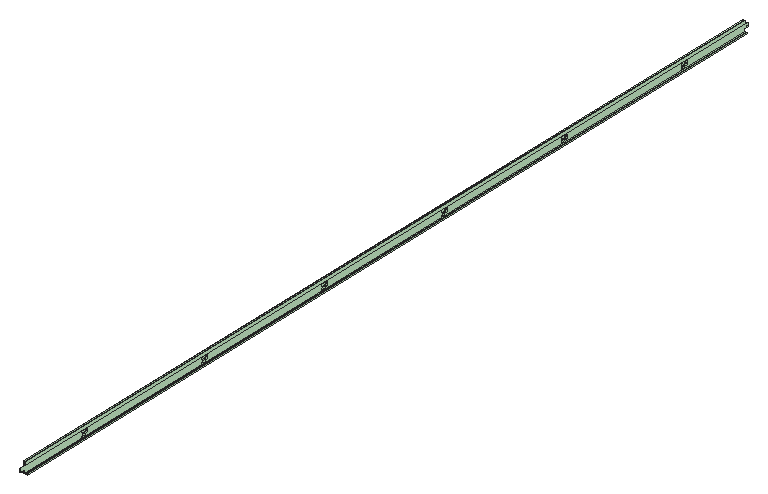
Revit family "et4025_main_600", category 機械設備, Revit 2022
Family settings
  丸型コネクタ寸法 = 直径を使用
  種別 = なし
  パーツ タイプ = 標準
  作業面ベース = いいえ
  常に垂直 = はい
  ロード時にボイドで切り取り = いいえ
  注釈の向きを維持 = いいえ
  共有 = いいえ
  部屋計算ポイント = いいえ
Parameters
  製造元 = "株式会社桐井製作所"
  既定の高さ = 0 mm
  URL = "https://www.kirii.co.jp/"
  K_長さ(mm) = 3600 mm
  K_材質 = "溶融亜鉛めっき鋼板及び鋼帯SGCC 一般用　カラー鋼板"
  K_品名 = "eTバー4025メイン(600グリッド用)"
  K_名称 = "Tバー"
  K_入数 = "20"
  K_バージョン情報 = "20220915"
  K_めっき付着量 = "JIS G 3302 Z12、カラー鋼板　塗装膜厚20μ(白色)"
  K_JIS規格 = "JIS G 3302"
Reference planes
  plane 1 "中心(正面/背面)": y = 0
  plane 2: z = 0
  plane 3 "中心(左/右)": x = 0
  plane 4: y = 3600
Forms (mm)
  Extrusion 1, solid
    sketch origin (0, 0, 7.1) x (-1, 0, 0) y (0, 0, 1)
      loop
        line (0.65, 26.539) -> (2.4, 25.702) -> (2.4, 24.9) -> (3.5, 24.9) -> (3.5, 34.9) -> (1.351, 34.9) -> (1.351, 33.4) -> (2.203, 33.4) -> (2.141, 29.141) -> (1.059, 28.059) -> (-0.917, 28) -> (-2.141, 29.141) -> (-2.203, 33.4) -> (-1.351, 33.4) -> (-1.351, 34.9) -> (-3.5, 34.9) -> (-3.5, 24.9) -> (-2.4, 24.9) -> (-2.4, 25.702) -> (-0.65, 26.518) -> (-0.65, -5.4) -> (-2.488, -5.4) -> (-2.488, -4.6) -> (-3.5, -4.6) -> (-3.5, -5.9) -> (-8.5, -5.9) -> (-8.5, -5.1) -> (-12.5, -5.1) -> (-12.5, -7.1) -> (12.5, -7.1) -> (12.5, -5.1) -> (8.5, -5.1) -> (8.5, -5.9) -> (3.5, -5.9) -> (3.5, -4.6) -> (2.4, -4.6) -> (2.4, -5.4) -> (0.65, -5.4) -> (0.65, 26.539)
    from 0 to 3600
  Extrusion 2, solid
    sketch origin (0.65, 0, 30.6) x (0, 0, -1) y (0, 1, 0)
      loop
        line (3.661, 0) -> (3.661, -19.4)
        arc (3.661, -19.4) -> (3.954, -20.107) -> (4.661, -20.4) r 1
        line (4.661, -20.4) -> (16.783, -20.4)
        arc (16.783, -20.4) -> (17.49, -20.107) -> (17.783, -19.4) r 1
        line (17.783, -19.4) -> (17.783, 0) -> (17.783, 21.201) -> (3.661, 21.201) -> (3.661, 0)
    from -1.3 to 0
  Extrusion 3, void
    sketch origin (0.65, 3000, 31.225) x (0, 0, 1) y (0, 1, 0)
      loop
        line (-5.5, 284.4) -> (-5.5, 315.6) -> (-23.1, 315.6) -> (-23.1, 284.4) -> (-5.5, 284.4)
    from 0 to 1.3
  Extrusion 4, void
    sketch origin (0.4, 1800, 31.225) x (0, 0, 1) y (0, 1, 0)
      loop
        line (-5.5, 284.4) -> (-5.5, 315.6) -> (-23.1, 315.6) -> (-23.1, 284.4) -> (-5.5, 284.4)
    from -0.25 to 1.05
  Extrusion 5, void
    sketch origin (0.4, 2400, 31.225) x (0, 0, 1) y (0, 1, 0)
      loop
        line (-5.5, 284.4) -> (-5.5, 315.6) -> (-23.1, 315.6) -> (-23.1, 284.4) -> (-5.5, 284.4)
    from -0.25 to 1.05
  Extrusion 6, void
    sketch origin (0.4, 1200, 31.225) x (0, 0, 1) y (0, 1, 0)
      loop
        line (-5.5, 284.4) -> (-5.5, 315.6) -> (-23.1, 315.6) -> (-23.1, 284.4) -> (-5.5, 284.4)
    from -0.25 to 1.05
  Extrusion 7, void
    sketch origin (0.4, 600, 31.225) x (0, 0, 1) y (0, 1, 0)
      loop
        line (-5.5, 284.4) -> (-5.5, 315.6) -> (-23.1, 315.6) -> (-23.1, 284.4) -> (-5.5, 284.4)
    from -0.4 to 1.05
  Extrusion 8, void
    sketch origin (0.4, 0, 31.225) x (0, 0, 1) y (0, 1, 0)
      loop
        line (-5.5, 284.4) -> (-5.5, 315.6) -> (-23.1, 315.6) -> (-23.1, 284.4) -> (-5.5, 284.4)
    from -0.25 to 1.05
  Extrusion 9, void
    sketch origin (0.65, 0, 38.1) x (0, 0, 1) y (0, 1, 0)
      loop
        line (-17.561, -16.4) -> (-17.561, -9.2) -> (-22.361, -9.2) -> (-22.361, -16.4) -> (-17.561, -16.4)
    from 0 to 1.6
  Extrusion 10, solid
    sketch origin (0.65, 3600, 30.6) x (0, 0, -1) y (0, 1, 0)
      loop
        line (3.661, 0) -> (3.661, -21.201) -> (17.783, -21.201) -> (17.783, 0) -> (17.783, 19.4)
        arc (17.783, 19.4) -> (17.49, 20.107) -> (16.783, 20.4) r 1
        line (16.783, 20.4) -> (4.661, 20.4)
        arc (4.661, 20.4) -> (3.954, 20.107) -> (3.661, 19.4) r 1
        line (3.661, 19.4) -> (3.661, 0)
    from -0.8 to 0
  Extrusion 11, void
    sketch origin (0.65, 3600, 38.1) x (0, 0, 1) y (0, 1, 0)
      loop
        line (-17.561, 16.4) -> (-22.361, 16.4) -> (-22.361, 9.2) -> (-17.561, 9.2) -> (-17.561, 16.4)
    from 0 to 0.8
  Extrusion 12, void
    sketch origin (-0.4, -0.008, 31.538) x (0, 0, 1) y (0, -1, 0)
      loop
        arc (-19.9, -284.4) -> (-14.3, -287.9) -> (-8.7, -284.4) r 6.23
        line (-8.7, -284.4) -> (-19.9, -284.4)
      loop
        arc (-8.7, -297.4) -> (-14.3, -293.9) -> (-19.9, -297.4) r 6.23
        line (-19.9, -297.4) -> (-8.7, -297.4)
    from 1.2 to 3.447
  Extrusion 13, solid
    sketch origin (-0.081, 0, -7.135) x (-1, 0, 0) y (0, 0, -1)
      loop
        line (-0.387, -33.66) -> (-0.387, -32.86) -> (-1.476, -32.86) -> (-1.476, -26.291)
        arc (-1.476, -26.291) -> (-2.487, -24.267) -> (-1.487, -22.238) r 2.545
        line (-1.487, -22.238) -> (-1.487, -15.26) -> (-0.387, -15.26) -> (-0.387, -14.46) -> (-2.087, -14.46) -> (-2.088, -21.96)
        arc (-2.088, -21.96) -> (-3.087, -24.26) -> (-2.087, -26.56) r 3.145
        line (-2.087, -26.56) -> (-2.087, -33.66) -> (-0.387, -33.66)
    from -297.4 to -284.4
  Extrusion 14, void
    sketch origin (0.4, 18.192, 31.538) x (0, 0, 1) y (0, 1, 0)
      loop
        line (-19.9, 284.4) -> (-8.7, 284.4)
        arc (-8.7, 284.4) -> (-14.3, 287.9) -> (-19.9, 284.4) r 6.23
      loop
        line (-8.7, 297.4) -> (-19.9, 297.4)
        arc (-19.9, 297.4) -> (-14.3, 293.9) -> (-8.7, 297.4) r 6.23
    from 1.2 to 3.447
  Extrusion 15, solid
    sketch origin (0.081, 18.2, -7.135) x (1, 0, 0) y (0, 0, 1)
      loop
        line (-0.387, 33.66) -> (-2.087, 33.66) -> (-2.087, 26.56)
        arc (-2.087, 26.56) -> (-3.087, 24.26) -> (-2.088, 21.96) r 3.145
        line (-2.088, 21.96) -> (-2.087, 14.46) -> (-0.387, 14.46) -> (-0.387, 15.26) -> (-1.487, 15.26) -> (-1.487, 22.238)
        arc (-1.487, 22.238) -> (-2.487, 24.267) -> (-1.476, 26.291) r 2.545
        line (-1.476, 26.291) -> (-1.476, 32.86) -> (-0.387, 32.86) -> (-0.387, 33.66)
    from -297.4 to -284.4
  Extrusion 16, void
    sketch origin (-0.4, 599.992, 31.538) x (0, 0, 1) y (0, -1, 0)
      loop
        arc (-19.9, -284.4) -> (-14.3, -287.9) -> (-8.7, -284.4) r 6.23
        line (-8.7, -284.4) -> (-19.9, -284.4)
      loop
        arc (-8.7, -297.4) -> (-14.3, -293.9) -> (-19.9, -297.4) r 6.23
        line (-19.9, -297.4) -> (-8.7, -297.4)
    from 1.2 to 3.447
  Extrusion 17, solid
    sketch origin (-0.081, 600, -7.135) x (-1, 0, 0) y (0, 0, -1)
      loop
        line (-0.387, -33.66) -> (-0.387, -32.86) -> (-1.476, -32.86) -> (-1.476, -26.291)
        arc (-1.476, -26.291) -> (-2.487, -24.267) -> (-1.487, -22.238) r 2.545
        line (-1.487, -22.238) -> (-1.487, -15.26) -> (-0.387, -15.26) -> (-0.387, -14.46) -> (-2.087, -14.46) -> (-2.088, -21.96)
        arc (-2.088, -21.96) -> (-3.087, -24.26) -> (-2.087, -26.56) r 3.145
        line (-2.087, -26.56) -> (-2.087, -33.66) -> (-0.387, -33.66)
    from -297.4 to -284.4
  Extrusion 18, void
    sketch origin (0.4, 618.192, 31.538) x (0, 0, 1) y (0, 1, 0)
      loop
        line (-19.9, 284.4) -> (-8.7, 284.4)
        arc (-8.7, 284.4) -> (-14.3, 287.9) -> (-19.9, 284.4) r 6.23
      loop
        line (-8.7, 297.4) -> (-19.9, 297.4)
        arc (-19.9, 297.4) -> (-14.3, 293.9) -> (-8.7, 297.4) r 6.23
    from 1.2 to 3.447
  Extrusion 19, solid
    sketch origin (0.081, 618.2, -7.135) x (1, 0, 0) y (0, 0, 1)
      loop
        line (-0.387, 33.66) -> (-2.087, 33.66) -> (-2.087, 26.56)
        arc (-2.087, 26.56) -> (-3.087, 24.26) -> (-2.088, 21.96) r 3.145
        line (-2.088, 21.96) -> (-2.087, 14.46) -> (-0.387, 14.46) -> (-0.387, 15.26) -> (-1.487, 15.26) -> (-1.487, 22.238)
        arc (-1.487, 22.238) -> (-2.487, 24.267) -> (-1.476, 26.291) r 2.545
        line (-1.476, 26.291) -> (-1.476, 32.86) -> (-0.387, 32.86) -> (-0.387, 33.66)
    from -297.4 to -284.4
  Extrusion 20, void
    sketch origin (-0.4, 1199.992, 31.538) x (0, 0, 1) y (0, -1, 0)
      loop
        arc (-19.9, -284.4) -> (-14.3, -287.9) -> (-8.7, -284.4) r 6.23
        line (-8.7, -284.4) -> (-19.9, -284.4)
      loop
        arc (-8.7, -297.4) -> (-14.3, -293.9) -> (-19.9, -297.4) r 6.23
        line (-19.9, -297.4) -> (-8.7, -297.4)
    from 1.2 to 3.447
  Extrusion 21, solid
    sketch origin (-0.081, 1200, -7.135) x (-1, 0, 0) y (0, 0, -1)
      loop
        line (-0.387, -33.66) -> (-0.387, -32.86) -> (-1.476, -32.86) -> (-1.476, -26.291)
        arc (-1.476, -26.291) -> (-2.487, -24.267) -> (-1.487, -22.238) r 2.545
        line (-1.487, -22.238) -> (-1.487, -15.26) -> (-0.387, -15.26) -> (-0.387, -14.46) -> (-2.087, -14.46) -> (-2.088, -21.96)
        arc (-2.088, -21.96) -> (-3.087, -24.26) -> (-2.087, -26.56) r 3.145
        line (-2.087, -26.56) -> (-2.087, -33.66) -> (-0.387, -33.66)
    from -297.4 to -284.4
  Extrusion 22, void
    sketch origin (0.4, 1218.192, 31.538) x (0, 0, 1) y (0, 1, 0)
      loop
        line (-19.9, 284.4) -> (-8.7, 284.4)
        arc (-8.7, 284.4) -> (-14.3, 287.9) -> (-19.9, 284.4) r 6.23
      loop
        line (-8.7, 297.4) -> (-19.9, 297.4)
        arc (-19.9, 297.4) -> (-14.3, 293.9) -> (-8.7, 297.4) r 6.23
    from 1.2 to 3.447
  Extrusion 23, solid
    sketch origin (0.081, 1218.2, -7.135) x (1, 0, 0) y (0, 0, 1)
      loop
        line (-0.387, 33.66) -> (-2.087, 33.66) -> (-2.087, 26.56)
        arc (-2.087, 26.56) -> (-3.087, 24.26) -> (-2.088, 21.96) r 3.145
        line (-2.088, 21.96) -> (-2.087, 14.46) -> (-0.387, 14.46) -> (-0.387, 15.26) -> (-1.487, 15.26) -> (-1.487, 22.238)
        arc (-1.487, 22.238) -> (-2.487, 24.267) -> (-1.476, 26.291) r 2.545
        line (-1.476, 26.291) -> (-1.476, 32.86) -> (-0.387, 32.86) -> (-0.387, 33.66)
    from -297.4 to -284.4
  Extrusion 24, void
    sketch origin (-0.4, 1799.992, 31.538) x (0, 0, 1) y (0, -1, 0)
      loop
        arc (-19.9, -284.4) -> (-14.3, -287.9) -> (-8.7, -284.4) r 6.23
        line (-8.7, -284.4) -> (-19.9, -284.4)
      loop
        arc (-8.7, -297.4) -> (-14.3, -293.9) -> (-19.9, -297.4) r 6.23
        line (-19.9, -297.4) -> (-8.7, -297.4)
    from 1.2 to 3.447
  Extrusion 25, solid
    sketch origin (-0.081, 1800, -7.135) x (-1, 0, 0) y (0, 0, -1)
      loop
        line (-0.387, -33.66) -> (-0.387, -32.86) -> (-1.476, -32.86) -> (-1.476, -26.291)
        arc (-1.476, -26.291) -> (-2.487, -24.267) -> (-1.487, -22.238) r 2.545
        line (-1.487, -22.238) -> (-1.487, -15.26) -> (-0.387, -15.26) -> (-0.387, -14.46) -> (-2.087, -14.46) -> (-2.088, -21.96)
        arc (-2.088, -21.96) -> (-3.087, -24.26) -> (-2.087, -26.56) r 3.145
        line (-2.087, -26.56) -> (-2.087, -33.66) -> (-0.387, -33.66)
    from -297.4 to -284.4
  Extrusion 26, void
    sketch origin (0.4, 1818.192, 31.538) x (0, 0, 1) y (0, 1, 0)
      loop
        line (-19.9, 284.4) -> (-8.7, 284.4)
        arc (-8.7, 284.4) -> (-14.3, 287.9) -> (-19.9, 284.4) r 6.23
      loop
        line (-8.7, 297.4) -> (-19.9, 297.4)
        arc (-19.9, 297.4) -> (-14.3, 293.9) -> (-8.7, 297.4) r 6.23
    from 1.2 to 3.447
  Extrusion 27, solid
    sketch origin (0.081, 1818.2, -7.135) x (1, 0, 0) y (0, 0, 1)
      loop
        line (-0.387, 33.66) -> (-2.087, 33.66) -> (-2.087, 26.56)
        arc (-2.087, 26.56) -> (-3.087, 24.26) -> (-2.088, 21.96) r 3.145
        line (-2.088, 21.96) -> (-2.087, 14.46) -> (-0.387, 14.46) -> (-0.387, 15.26) -> (-1.487, 15.26) -> (-1.487, 22.238)
        arc (-1.487, 22.238) -> (-2.487, 24.267) -> (-1.476, 26.291) r 2.545
        line (-1.476, 26.291) -> (-1.476, 32.86) -> (-0.387, 32.86) -> (-0.387, 33.66)
    from -297.4 to -284.4
  Extrusion 28, void
    sketch origin (-0.4, 2399.992, 31.538) x (0, 0, 1) y (0, -1, 0)
      loop
        arc (-19.9, -284.4) -> (-14.3, -287.9) -> (-8.7, -284.4) r 6.23
        line (-8.7, -284.4) -> (-19.9, -284.4)
      loop
        arc (-8.7, -297.4) -> (-14.3, -293.9) -> (-19.9, -297.4) r 6.23
        line (-19.9, -297.4) -> (-8.7, -297.4)
    from 1.2 to 3.447
  Extrusion 29, solid
    sketch origin (-0.081, 2400, -7.135) x (-1, 0, 0) y (0, 0, -1)
      loop
        line (-0.387, -33.66) -> (-0.387, -32.86) -> (-1.476, -32.86) -> (-1.476, -26.291)
        arc (-1.476, -26.291) -> (-2.487, -24.267) -> (-1.487, -22.238) r 2.545
        line (-1.487, -22.238) -> (-1.487, -15.26) -> (-0.387, -15.26) -> (-0.387, -14.46) -> (-2.087, -14.46) -> (-2.088, -21.96)
        arc (-2.088, -21.96) -> (-3.087, -24.26) -> (-2.087, -26.56) r 3.145
        line (-2.087, -26.56) -> (-2.087, -33.66) -> (-0.387, -33.66)
    from -297.4 to -284.4
  Extrusion 30, void
    sketch origin (0.4, 2418.192, 31.538) x (0, 0, 1) y (0, 1, 0)
      loop
        line (-19.9, 284.4) -> (-8.7, 284.4)
        arc (-8.7, 284.4) -> (-14.3, 287.9) -> (-19.9, 284.4) r 6.23
      loop
        line (-8.7, 297.4) -> (-19.9, 297.4)
        arc (-19.9, 297.4) -> (-14.3, 293.9) -> (-8.7, 297.4) r 6.23
    from 1.2 to 3.447
  Extrusion 31, solid
    sketch origin (0.081, 2418.2, -7.135) x (1, 0, 0) y (0, 0, 1)
      loop
        line (-0.387, 33.66) -> (-2.087, 33.66) -> (-2.087, 26.56)
        arc (-2.087, 26.56) -> (-3.087, 24.26) -> (-2.088, 21.96) r 3.145
        line (-2.088, 21.96) -> (-2.087, 14.46) -> (-0.387, 14.46) -> (-0.387, 15.26) -> (-1.487, 15.26) -> (-1.487, 22.238)
        arc (-1.487, 22.238) -> (-2.487, 24.267) -> (-1.476, 26.291) r 2.545
        line (-1.476, 26.291) -> (-1.476, 32.86) -> (-0.387, 32.86) -> (-0.387, 33.66)
    from -297.4 to -284.4
  Extrusion 32, void
    sketch origin (-0.4, 2999.992, 31.538) x (0, 0, 1) y (0, -1, 0)
      loop
        arc (-19.9, -284.4) -> (-14.3, -287.9) -> (-8.7, -284.4) r 6.23
        line (-8.7, -284.4) -> (-19.9, -284.4)
      loop
        arc (-8.7, -297.4) -> (-14.3, -293.9) -> (-19.9, -297.4) r 6.23
        line (-19.9, -297.4) -> (-8.7, -297.4)
    from 1.2 to 3.447
  Extrusion 33, solid
    sketch origin (-0.081, 3000, -7.135) x (-1, 0, 0) y (0, 0, -1)
      loop
        line (-0.387, -33.66) -> (-0.387, -32.86) -> (-1.476, -32.86) -> (-1.476, -26.291)
        arc (-1.476, -26.291) -> (-2.487, -24.267) -> (-1.487, -22.238) r 2.545
        line (-1.487, -22.238) -> (-1.487, -15.26) -> (-0.387, -15.26) -> (-0.387, -14.46) -> (-2.087, -14.46) -> (-2.088, -21.96)
        arc (-2.088, -21.96) -> (-3.087, -24.26) -> (-2.087, -26.56) r 3.145
        line (-2.087, -26.56) -> (-2.087, -33.66) -> (-0.387, -33.66)
    from -297.4 to -284.4
  Extrusion 34, void
    sketch origin (0.4, 3018.192, 31.538) x (0, 0, 1) y (0, 1, 0)
      loop
        line (-19.9, 284.4) -> (-8.7, 284.4)
        arc (-8.7, 284.4) -> (-14.3, 287.9) -> (-19.9, 284.4) r 6.23
      loop
        line (-8.7, 297.4) -> (-19.9, 297.4)
        arc (-19.9, 297.4) -> (-14.3, 293.9) -> (-8.7, 297.4) r 6.23
    from 1.2 to 3.447
  Extrusion 35, solid
    sketch origin (0.081, 3018.2, -7.135) x (1, 0, 0) y (0, 0, 1)
      loop
        line (-0.387, 33.66) -> (-2.087, 33.66) -> (-2.087, 26.56)
        arc (-2.087, 26.56) -> (-3.087, 24.26) -> (-2.088, 21.96) r 3.145
        line (-2.088, 21.96) -> (-2.087, 14.46) -> (-0.387, 14.46) -> (-0.387, 15.26) -> (-1.487, 15.26) -> (-1.487, 22.238)
        arc (-1.487, 22.238) -> (-2.487, 24.267) -> (-1.476, 26.291) r 2.545
        line (-1.476, 26.291) -> (-1.476, 32.86) -> (-0.387, 32.86) -> (-0.387, 33.66)
    from -297.4 to -284.4
Cuts and joins
  Extrusion 3, Extrusion 4, Extrusion 5, Extrusion 6, Extrusion 7, Extrusion 8, Extrusion 9, Extrusion 11 cuts Extrusion 1
  Extrusion 4, Extrusion 5, Extrusion 6, Extrusion 7, Extrusion 8, Extrusion 9, Extrusion 11 cuts Extrusion 2
  Extrusion 11 cuts Extrusion 10
  Extrusion 12 cuts Extrusion 13
  Extrusion 14 cuts Extrusion 15
  Extrusion 16 cuts Extrusion 17
  Extrusion 18 cuts Extrusion 19
  Extrusion 20 cuts Extrusion 21
  Extrusion 22 cuts Extrusion 23
  Extrusion 24 cuts Extrusion 25
  Extrusion 26 cuts Extrusion 27
  Extrusion 28 cuts Extrusion 29
  Extrusion 30 cuts Extrusion 31
  Extrusion 32 cuts Extrusion 33
  Extrusion 34 cuts Extrusion 35
  joined: Extrusion 1, Extrusion 2, Extrusion 10, Extrusion 13, Extrusion 15, Extrusion 17, Extrusion 19, Extrusion 21, Extrusion 23, Extrusion 25, Extrusion 27, Extrusion 29, Extrusion 31, Extrusion 33, Extrusion 35
Dimensions and locks
  plane 4 to plane 1 "中心(正面/背面)" = 3600 mm
  aligned and locked: level to plane 2
  aligned and locked: plane 4 to Extrusion 1
